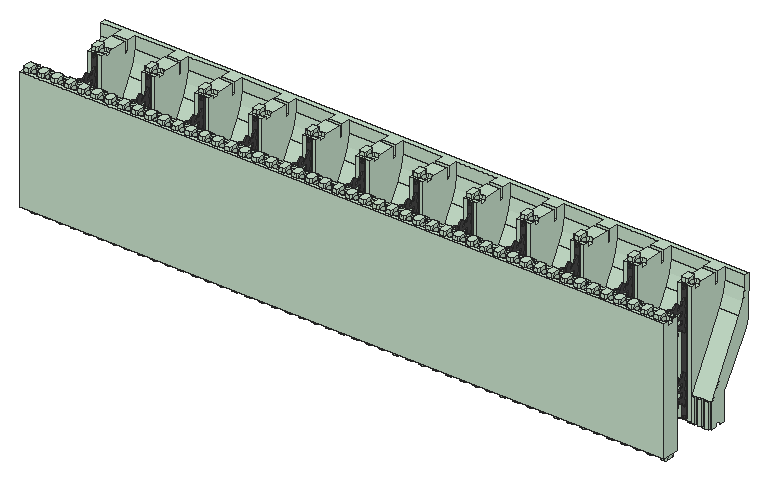
Revit family (continued)
Forms (mm)
  Extrusion 54, void
    sketch origin (1574.8, -0.069, 0) x (-1, 0, 0) y (0, -1, 0)
      loop
        arc (29.796, -130.453) -> (38.1, -131.763) -> (46.404, -130.453) r 26.987
        arc (46.404, -130.453) -> (49.585, -128.147) -> (50.8, -124.411) r 6.35
        line (50.8, -124.411) -> (50.8, -101.014)
        arc (50.8, -101.014) -> (50.362, -98.696) -> (49.108, -96.698) r 6.35
        arc (49.108, -96.698) -> (48.795, -96.199) -> (48.685, -95.62) r 1.588
        line (48.685, -95.62) -> (48.685, -86.829) -> (44.346, -86.829) -> (44.346, -92.457)
        arc (44.346, -92.457) -> (43.786, -93.668) -> (42.5, -94.024) r 1.587
        arc (42.5, -94.024) -> (36.091, -93.737) -> (29.796, -94.972) r 26.988
        arc (29.796, -94.972) -> (26.615, -97.278) -> (25.4, -101.014) r 6.35
        line (25.4, -101.014) -> (25.4, -124.411)
    from 457.2 to 444.5
  Extrusion 55, void
    sketch origin (1371.6, -0.069, 0) x (-1, 0, 0) y (0, -1, 0)
      loop
        arc (25.4, -124.411) -> (26.615, -128.147) -> (29.796, -130.453) r 6.35
        arc (29.796, -130.453) -> (38.1, -131.763) -> (46.404, -130.453) r 26.987
        arc (46.404, -130.453) -> (49.585, -128.147) -> (50.8, -124.411) r 6.35
        line (50.8, -124.411) -> (50.8, -101.014)
        arc (50.8, -101.014) -> (50.362, -98.696) -> (49.108, -96.698) r 6.35
        arc (49.108, -96.698) -> (48.795, -96.199) -> (48.685, -95.62) r 1.588
        line (48.685, -95.62) -> (48.685, -86.829) -> (44.346, -86.829) -> (44.346, -92.457)
        arc (44.346, -92.457) -> (43.786, -93.668) -> (42.5, -94.024) r 1.587
        arc (42.5, -94.024) -> (36.091, -93.737) -> (29.796, -94.972) r 26.988
        arc (29.796, -94.972) -> (26.615, -97.278) -> (25.4, -101.014) r 6.35
        line (25.4, -101.014) -> (25.4, -124.411)
    from 457.2 to 444.5
  Extrusion 56, void
    sketch origin (1168.4, -0.069, 0) x (-1, 0, 0) y (0, -1, 0)
      loop
        arc (25.4, -124.411) -> (26.615, -128.147) -> (29.796, -130.453) r 6.35
        arc (29.796, -130.453) -> (38.1, -131.763) -> (46.404, -130.453) r 26.987
        arc (46.404, -130.453) -> (49.585, -128.147) -> (50.8, -124.411) r 6.35
        line (50.8, -124.411) -> (50.8, -101.014)
        arc (50.8, -101.014) -> (50.362, -98.696) -> (49.108, -96.698) r 6.35
        arc (49.108, -96.698) -> (48.795, -96.199) -> (48.685, -95.62) r 1.588
        line (48.685, -95.62) -> (48.685, -86.829) -> (44.346, -86.829) -> (44.346, -92.457)
        arc (44.346, -92.457) -> (43.786, -93.668) -> (42.5, -94.024) r 1.587
        arc (42.5, -94.024) -> (36.091, -93.737) -> (29.796, -94.972) r 26.988
        arc (29.796, -94.972) -> (26.615, -97.278) -> (25.4, -101.014) r 6.35
        line (25.4, -101.014) -> (25.4, -124.411)
    from 457.2 to 444.5
  Extrusion 57, void
    sketch origin (965.2, -0.069, 0) x (-1, 0, 0) y (0, -1, 0)
      loop
        arc (25.4, -124.411) -> (26.615, -128.147) -> (29.796, -130.453) r 6.35
        arc (29.796, -130.453) -> (38.1, -131.763) -> (46.404, -130.453) r 26.987
        arc (46.404, -130.453) -> (49.585, -128.147) -> (50.8, -124.411) r 6.35
        line (50.8, -124.411) -> (50.8, -101.014)
        arc (50.8, -101.014) -> (50.362, -98.696) -> (49.108, -96.698) r 6.35
        arc (49.108, -96.698) -> (48.795, -96.199) -> (48.685, -95.62) r 1.588
        line (48.685, -95.62) -> (48.685, -86.829) -> (44.346, -86.829) -> (44.346, -92.457)
        arc (44.346, -92.457) -> (43.786, -93.668) -> (42.5, -94.024) r 1.587
        arc (42.5, -94.024) -> (36.091, -93.737) -> (29.796, -94.972) r 26.988
        arc (29.796, -94.972) -> (26.615, -97.278) -> (25.4, -101.014) r 6.35
        line (25.4, -101.014) -> (25.4, -124.411)
    from 457.2 to 444.5
  Extrusion 58, void
    sketch origin (762, -0.069, 0) x (-1, 0, 0) y (0, -1, 0)
      loop
        arc (25.4, -124.411) -> (26.615, -128.147) -> (29.796, -130.453) r 6.35
        arc (29.796, -130.453) -> (38.1, -131.763) -> (46.404, -130.453) r 26.987
        arc (46.404, -130.453) -> (49.585, -128.147) -> (50.8, -124.411) r 6.35
        line (50.8, -124.411) -> (50.8, -101.014)
        arc (50.8, -101.014) -> (50.362, -98.696) -> (49.108, -96.698) r 6.35
        arc (49.108, -96.698) -> (48.795, -96.199) -> (48.685, -95.62) r 1.588
        line (48.685, -95.62) -> (48.685, -86.829) -> (44.346, -86.829) -> (44.346, -92.457)
        arc (44.346, -92.457) -> (43.786, -93.668) -> (42.5, -94.024) r 1.587
        arc (42.5, -94.024) -> (36.091, -93.737) -> (29.796, -94.972) r 26.988
        arc (29.796, -94.972) -> (26.615, -97.278) -> (25.4, -101.014) r 6.35
        line (25.4, -101.014) -> (25.4, -124.411)
    from 457.2 to 444.5
  Extrusion 59, void
    sketch origin (558.8, -0.069, 0) x (-1, 0, 0) y (0, -1, 0)
      loop
        arc (25.4, -124.411) -> (26.615, -128.147) -> (29.796, -130.453) r 6.35
        arc (29.796, -130.453) -> (38.1, -131.763) -> (46.404, -130.453) r 26.987
        arc (46.404, -130.453) -> (49.585, -128.147) -> (50.8, -124.411) r 6.35
        line (50.8, -124.411) -> (50.8, -101.014)
        arc (50.8, -101.014) -> (50.362, -98.696) -> (49.108, -96.698) r 6.35
        arc (49.108, -96.698) -> (48.795, -96.199) -> (48.685, -95.62) r 1.588
        line (48.685, -95.62) -> (48.685, -86.829) -> (44.346, -86.829) -> (44.346, -92.457)
        arc (44.346, -92.457) -> (43.786, -93.668) -> (42.5, -94.024) r 1.587
        arc (42.5, -94.024) -> (36.091, -93.737) -> (29.796, -94.972) r 26.988
        arc (29.796, -94.972) -> (26.615, -97.278) -> (25.4, -101.014) r 6.35
        line (25.4, -101.014) -> (25.4, -124.411)
    from 457.2 to 444.5
  Extrusion 60, void
    sketch origin (355.6, -0.069, 0) x (-1, 0, 0) y (0, -1, 0)
      loop
        arc (25.4, -124.411) -> (26.615, -128.147) -> (29.796, -130.453) r 6.35
        arc (29.796, -130.453) -> (38.1, -131.763) -> (46.404, -130.453) r 26.987
        arc (46.404, -130.453) -> (49.585, -128.147) -> (50.8, -124.411) r 6.35
        line (50.8, -124.411) -> (50.8, -101.014)
        arc (50.8, -101.014) -> (50.362, -98.696) -> (49.108, -96.698) r 6.35
        arc (49.108, -96.698) -> (48.795, -96.199) -> (48.685, -95.62) r 1.588
        line (48.685, -95.62) -> (48.685, -86.829) -> (44.346, -86.829) -> (44.346, -92.457)
        arc (44.346, -92.457) -> (43.786, -93.668) -> (42.5, -94.024) r 1.587
        arc (42.5, -94.024) -> (36.091, -93.737) -> (29.796, -94.972) r 26.988
        arc (29.796, -94.972) -> (26.615, -97.278) -> (25.4, -101.014) r 6.35
        line (25.4, -101.014) -> (25.4, -124.411)
    from 457.2 to 444.5
  Extrusion 61, void
    sketch origin (152.4, -0.069, 0) x (-1, 0, 0) y (0, -1, 0)
      loop
        arc (25.4, -124.411) -> (26.615, -128.147) -> (29.796, -130.453) r 6.35
        arc (29.796, -130.453) -> (38.1, -131.763) -> (46.404, -130.453) r 26.987
        arc (46.404, -130.453) -> (49.585, -128.147) -> (50.8, -124.411) r 6.35
        line (50.8, -124.411) -> (50.8, -101.014)
        arc (50.8, -101.014) -> (50.362, -98.696) -> (49.108, -96.698) r 6.35
        arc (49.108, -96.698) -> (48.795, -96.199) -> (48.685, -95.62) r 1.588
        line (48.685, -95.62) -> (48.685, -86.829) -> (44.346, -86.829) -> (44.346, -92.457)
        arc (44.346, -92.457) -> (43.786, -93.668) -> (42.5, -94.024) r 1.587
        arc (42.5, -94.024) -> (36.091, -93.737) -> (29.796, -94.972) r 26.988
        arc (29.796, -94.972) -> (26.615, -97.278) -> (25.4, -101.014) r 6.35
        line (25.4, -101.014) -> (25.4, -124.411)
    from 457.2 to 444.5
  Extrusion 62, void
    sketch origin (50.8, -0.069, 0) x (-1, 0, 0) y (0, -1, 0)
      loop
        line (25.4, 124.411) -> (25.4, 101.014)
        arc (25.4, 101.014) -> (26.615, 97.278) -> (29.796, 94.972) r 6.35
        arc (29.796, 94.972) -> (36.091, 93.737) -> (42.5, 94.024) r 26.988
        arc (42.5, 94.024) -> (43.786, 93.668) -> (44.346, 92.457) r 1.587
        line (44.346, 92.457) -> (44.346, 86.829) -> (48.685, 86.829) -> (48.685, 95.62)
        arc (48.685, 95.62) -> (48.795, 96.199) -> (49.108, 96.698) r 1.588
        arc (49.108, 96.698) -> (50.362, 98.696) -> (50.8, 101.014) r 6.35
        line (50.8, 101.014) -> (50.8, 124.411)
        arc (50.8, 124.411) -> (49.585, 128.147) -> (46.404, 130.453) r 6.35
        arc (46.404, 130.453) -> (38.1, 131.763) -> (29.796, 130.453) r 26.987
        arc (29.796, 130.453) -> (26.615, 128.147) -> (25.4, 124.411) r 6.35
    from 0 to 12.7
  Extrusion 63, void
    sketch origin (101.6, -0.069, 0) x (-1, 0, 0) y (0, -1, 0)
      loop
        line (25.4, 124.411) -> (25.4, 101.014)
        arc (25.4, 101.014) -> (26.615, 97.278) -> (29.796, 94.972) r 6.35
        arc (29.796, 94.972) -> (36.091, 93.737) -> (42.5, 94.024) r 26.988
        arc (42.5, 94.024) -> (43.786, 93.668) -> (44.346, 92.457) r 1.587
        line (44.346, 92.457) -> (44.346, 86.829) -> (48.685, 86.829) -> (48.685, 95.62)
        arc (48.685, 95.62) -> (48.795, 96.199) -> (49.108, 96.698) r 1.588
        arc (49.108, 96.698) -> (50.362, 98.696) -> (50.8, 101.014) r 6.35
        line (50.8, 101.014) -> (50.8, 124.411)
        arc (50.8, 124.411) -> (49.585, 128.147) -> (46.404, 130.453) r 6.35
        arc (46.404, 130.453) -> (38.1, 131.763) -> (29.796, 130.453) r 26.987
        arc (29.796, 130.453) -> (26.615, 128.147) -> (25.4, 124.411) r 6.35
    from 0 to 12.7
  Extrusion 64, void
    sketch origin (152.4, -0.069, 0) x (-1, 0, 0) y (0, -1, 0)
      loop
        line (25.4, 124.411) -> (25.4, 101.014)
        arc (25.4, 101.014) -> (26.615, 97.278) -> (29.796, 94.972) r 6.35
        arc (29.796, 94.972) -> (36.091, 93.737) -> (42.5, 94.024) r 26.988
        arc (42.5, 94.024) -> (43.786, 93.668) -> (44.346, 92.457) r 1.587
        line (44.346, 92.457) -> (44.346, 86.829) -> (48.685, 86.829) -> (48.685, 95.62)
        arc (48.685, 95.62) -> (48.795, 96.199) -> (49.108, 96.698) r 1.588
        arc (49.108, 96.698) -> (50.362, 98.696) -> (50.8, 101.014) r 6.35
        line (50.8, 101.014) -> (50.8, 124.411)
        arc (50.8, 124.411) -> (49.585, 128.147) -> (46.404, 130.453) r 6.35
        arc (46.404, 130.453) -> (38.1, 131.763) -> (29.796, 130.453) r 26.987
        arc (29.796, 130.453) -> (26.615, 128.147) -> (25.4, 124.411) r 6.35
    from 0 to 12.7
  Extrusion 65, void
    sketch origin (203.2, -0.069, 0) x (-1, 0, 0) y (0, -1, 0)
      loop
        line (25.4, 124.411) -> (25.4, 101.014)
        arc (25.4, 101.014) -> (26.615, 97.278) -> (29.796, 94.972) r 6.35
        arc (29.796, 94.972) -> (36.091, 93.737) -> (42.5, 94.024) r 26.988
        arc (42.5, 94.024) -> (43.786, 93.668) -> (44.346, 92.457) r 1.587
        line (44.346, 92.457) -> (44.346, 86.829) -> (48.685, 86.829) -> (48.685, 95.62)
        arc (48.685, 95.62) -> (48.795, 96.199) -> (49.108, 96.698) r 1.588
        arc (49.108, 96.698) -> (50.362, 98.696) -> (50.8, 101.014) r 6.35
        line (50.8, 101.014) -> (50.8, 124.411)
        arc (50.8, 124.411) -> (49.585, 128.147) -> (46.404, 130.453) r 6.35
        arc (46.404, 130.453) -> (38.1, 131.763) -> (29.796, 130.453) r 26.987
        arc (29.796, 130.453) -> (26.615, 128.147) -> (25.4, 124.411) r 6.35
    from 0 to 12.7
  Extrusion 66, void
    sketch origin (254, -0.069, 0) x (-1, 0, 0) y (0, -1, 0)
      loop
        line (25.4, 124.411) -> (25.4, 101.014)
        arc (25.4, 101.014) -> (26.615, 97.278) -> (29.796, 94.972) r 6.35
        arc (29.796, 94.972) -> (36.091, 93.737) -> (42.5, 94.024) r 26.988
        arc (42.5, 94.024) -> (43.786, 93.668) -> (44.346, 92.457) r 1.587
        line (44.346, 92.457) -> (44.346, 86.829) -> (48.685, 86.829) -> (48.685, 95.62)
        arc (48.685, 95.62) -> (48.795, 96.199) -> (49.108, 96.698) r 1.588
        arc (49.108, 96.698) -> (50.362, 98.696) -> (50.8, 101.014) r 6.35
        line (50.8, 101.014) -> (50.8, 124.411)
        arc (50.8, 124.411) -> (49.585, 128.147) -> (46.404, 130.453) r 6.35
        arc (46.404, 130.453) -> (38.1, 131.763) -> (29.796, 130.453) r 26.987
        arc (29.796, 130.453) -> (26.615, 128.147) -> (25.4, 124.411) r 6.35
    from 0 to 12.7
  Extrusion 67, void
    sketch origin (304.8, -0.069, 0) x (-1, 0, 0) y (0, -1, 0)
      loop
        line (25.4, 124.411) -> (25.4, 101.014)
        arc (25.4, 101.014) -> (26.615, 97.278) -> (29.796, 94.972) r 6.35
        arc (29.796, 94.972) -> (36.091, 93.737) -> (42.5, 94.024) r 26.988
        arc (42.5, 94.024) -> (43.786, 93.668) -> (44.346, 92.457) r 1.587
        line (44.346, 92.457) -> (44.346, 86.829) -> (48.685, 86.829) -> (48.685, 95.62)
        arc (48.685, 95.62) -> (48.795, 96.199) -> (49.108, 96.698) r 1.588
        arc (49.108, 96.698) -> (50.362, 98.696) -> (50.8, 101.014) r 6.35
        line (50.8, 101.014) -> (50.8, 124.411)
        arc (50.8, 124.411) -> (49.585, 128.147) -> (46.404, 130.453) r 6.35
        arc (46.404, 130.453) -> (38.1, 131.763) -> (29.796, 130.453) r 26.987
        arc (29.796, 130.453) -> (26.615, 128.147) -> (25.4, 124.411) r 6.35
    from 0 to 12.7
  Extrusion 68, void
    sketch origin (355.6, -0.069, 0) x (-1, 0, 0) y (0, -1, 0)
      loop
        line (25.4, 124.411) -> (25.4, 101.014)
        arc (25.4, 101.014) -> (26.615, 97.278) -> (29.796, 94.972) r 6.35
        arc (29.796, 94.972) -> (36.091, 93.737) -> (42.5, 94.024) r 26.988
        arc (42.5, 94.024) -> (43.786, 93.668) -> (44.346, 92.457) r 1.587
        line (44.346, 92.457) -> (44.346, 86.829) -> (48.685, 86.829) -> (48.685, 95.62)
        arc (48.685, 95.62) -> (48.795, 96.199) -> (49.108, 96.698) r 1.588
        arc (49.108, 96.698) -> (50.362, 98.696) -> (50.8, 101.014) r 6.35
        line (50.8, 101.014) -> (50.8, 124.411)
        arc (50.8, 124.411) -> (49.585, 128.147) -> (46.404, 130.453) r 6.35
        arc (46.404, 130.453) -> (38.1, 131.763) -> (29.796, 130.453) r 26.987
        arc (29.796, 130.453) -> (26.615, 128.147) -> (25.4, 124.411) r 6.35
    from 0 to 12.7
  Extrusion 69, void
    sketch origin (406.4, -0.069, 0) x (-1, 0, 0) y (0, -1, 0)
      loop
        line (25.4, 124.411) -> (25.4, 101.014)
        arc (25.4, 101.014) -> (26.615, 97.278) -> (29.796, 94.972) r 6.35
        arc (29.796, 94.972) -> (36.091, 93.737) -> (42.5, 94.024) r 26.988
        arc (42.5, 94.024) -> (43.786, 93.668) -> (44.346, 92.457) r 1.587
        line (44.346, 92.457) -> (44.346, 86.829) -> (48.685, 86.829) -> (48.685, 95.62)
        arc (48.685, 95.62) -> (48.795, 96.199) -> (49.108, 96.698) r 1.588
        arc (49.108, 96.698) -> (50.362, 98.696) -> (50.8, 101.014) r 6.35
        line (50.8, 101.014) -> (50.8, 124.411)
        arc (50.8, 124.411) -> (49.585, 128.147) -> (46.404, 130.453) r 6.35
        arc (46.404, 130.453) -> (38.1, 131.763) -> (29.796, 130.453) r 26.987
        arc (29.796, 130.453) -> (26.615, 128.147) -> (25.4, 124.411) r 6.35
    from 0 to 12.7
  Extrusion 70, void
    sketch origin (457.2, -0.069, 0) x (-1, 0, 0) y (0, -1, 0)
      loop
        line (25.4, 124.411) -> (25.4, 101.014)
        arc (25.4, 101.014) -> (26.615, 97.278) -> (29.796, 94.972) r 6.35
        arc (29.796, 94.972) -> (36.091, 93.737) -> (42.5, 94.024) r 26.988
        arc (42.5, 94.024) -> (43.786, 93.668) -> (44.346, 92.457) r 1.587
        line (44.346, 92.457) -> (44.346, 86.829) -> (48.685, 86.829) -> (48.685, 95.62)
        arc (48.685, 95.62) -> (48.795, 96.199) -> (49.108, 96.698) r 1.588
        arc (49.108, 96.698) -> (50.362, 98.696) -> (50.8, 101.014) r 6.35
        line (50.8, 101.014) -> (50.8, 124.411)
        arc (50.8, 124.411) -> (49.585, 128.147) -> (46.404, 130.453) r 6.35
        arc (46.404, 130.453) -> (38.1, 131.763) -> (29.796, 130.453) r 26.987
        arc (29.796, 130.453) -> (26.615, 128.147) -> (25.4, 124.411) r 6.35
    from 0 to 12.7
  Extrusion 71, void
    sketch origin (508, -0.069, 0) x (-1, 0, 0) y (0, -1, 0)
      loop
        line (25.4, 124.411) -> (25.4, 101.014)
        arc (25.4, 101.014) -> (26.615, 97.278) -> (29.796, 94.972) r 6.35
        arc (29.796, 94.972) -> (36.091, 93.737) -> (42.5, 94.024) r 26.988
        arc (42.5, 94.024) -> (43.786, 93.668) -> (44.346, 92.457) r 1.587
        line (44.346, 92.457) -> (44.346, 86.829) -> (48.685, 86.829) -> (48.685, 95.62)
        arc (48.685, 95.62) -> (48.795, 96.199) -> (49.108, 96.698) r 1.588
        arc (49.108, 96.698) -> (50.362, 98.696) -> (50.8, 101.014) r 6.35
        line (50.8, 101.014) -> (50.8, 124.411)
        arc (50.8, 124.411) -> (49.585, 128.147) -> (46.404, 130.453) r 6.35
        arc (46.404, 130.453) -> (38.1, 131.763) -> (29.796, 130.453) r 26.987
        arc (29.796, 130.453) -> (26.615, 128.147) -> (25.4, 124.411) r 6.35
    from 0 to 12.7
  Extrusion 72, void
    sketch origin (558.8, -0.069, 0) x (-1, 0, 0) y (0, -1, 0)
      loop
        line (25.4, 124.411) -> (25.4, 101.014)
        arc (25.4, 101.014) -> (26.615, 97.278) -> (29.796, 94.972) r 6.35
        arc (29.796, 94.972) -> (36.091, 93.737) -> (42.5, 94.024) r 26.988
        arc (42.5, 94.024) -> (43.786, 93.668) -> (44.346, 92.457) r 1.587
        line (44.346, 92.457) -> (44.346, 86.829) -> (48.685, 86.829) -> (48.685, 95.62)
        arc (48.685, 95.62) -> (48.795, 96.199) -> (49.108, 96.698) r 1.588
        arc (49.108, 96.698) -> (50.362, 98.696) -> (50.8, 101.014) r 6.35
        line (50.8, 101.014) -> (50.8, 124.411)
        arc (50.8, 124.411) -> (49.585, 128.147) -> (46.404, 130.453) r 6.35
        arc (46.404, 130.453) -> (38.1, 131.763) -> (29.796, 130.453) r 26.987
        arc (29.796, 130.453) -> (26.615, 128.147) -> (25.4, 124.411) r 6.35
    from 0 to 12.7
  Extrusion 73, void
    sketch origin (609.6, -0.069, 0) x (-1, 0, 0) y (0, -1, 0)
      loop
        line (25.4, 124.411) -> (25.4, 101.014)
        arc (25.4, 101.014) -> (26.615, 97.278) -> (29.796, 94.972) r 6.35
        arc (29.796, 94.972) -> (36.091, 93.737) -> (42.5, 94.024) r 26.988
        arc (42.5, 94.024) -> (43.786, 93.668) -> (44.346, 92.457) r 1.587
        line (44.346, 92.457) -> (44.346, 86.829) -> (48.685, 86.829) -> (48.685, 95.62)
        arc (48.685, 95.62) -> (48.795, 96.199) -> (49.108, 96.698) r 1.588
        arc (49.108, 96.698) -> (50.362, 98.696) -> (50.8, 101.014) r 6.35
        line (50.8, 101.014) -> (50.8, 124.411)
        arc (50.8, 124.411) -> (49.585, 128.147) -> (46.404, 130.453) r 6.35
        arc (46.404, 130.453) -> (38.1, 131.763) -> (29.796, 130.453) r 26.987
        arc (29.796, 130.453) -> (26.615, 128.147) -> (25.4, 124.411) r 6.35
    from 0 to 12.7
  Extrusion 74, void
    sketch origin (660.4, -0.069, 0) x (-1, 0, 0) y (0, -1, 0)
      loop
        line (25.4, 124.411) -> (25.4, 101.014)
        arc (25.4, 101.014) -> (26.615, 97.278) -> (29.796, 94.972) r 6.35
        arc (29.796, 94.972) -> (36.091, 93.737) -> (42.5, 94.024) r 26.988
        arc (42.5, 94.024) -> (43.786, 93.668) -> (44.346, 92.457) r 1.587
        line (44.346, 92.457) -> (44.346, 86.829) -> (48.685, 86.829) -> (48.685, 95.62)
        arc (48.685, 95.62) -> (48.795, 96.199) -> (49.108, 96.698) r 1.588
        arc (49.108, 96.698) -> (50.362, 98.696) -> (50.8, 101.014) r 6.35
        line (50.8, 101.014) -> (50.8, 124.411)
        arc (50.8, 124.411) -> (49.585, 128.147) -> (46.404, 130.453) r 6.35
        arc (46.404, 130.453) -> (38.1, 131.763) -> (29.796, 130.453) r 26.987
        arc (29.796, 130.453) -> (26.615, 128.147) -> (25.4, 124.411) r 6.35
    from 0 to 12.7
  Extrusion 75, void
    sketch origin (711.2, -0.069, 0) x (-1, 0, 0) y (0, -1, 0)
      loop
        line (25.4, 124.411) -> (25.4, 101.014)
        arc (25.4, 101.014) -> (26.615, 97.278) -> (29.796, 94.972) r 6.35
        arc (29.796, 94.972) -> (36.091, 93.737) -> (42.5, 94.024) r 26.988
        arc (42.5, 94.024) -> (43.786, 93.668) -> (44.346, 92.457) r 1.587
        line (44.346, 92.457) -> (44.346, 86.829) -> (48.685, 86.829) -> (48.685, 95.62)
        arc (48.685, 95.62) -> (48.795, 96.199) -> (49.108, 96.698) r 1.588
        arc (49.108, 96.698) -> (50.362, 98.696) -> (50.8, 101.014) r 6.35
        line (50.8, 101.014) -> (50.8, 124.411)
        arc (50.8, 124.411) -> (49.585, 128.147) -> (46.404, 130.453) r 6.35
        arc (46.404, 130.453) -> (38.1, 131.763) -> (29.796, 130.453) r 26.987
        arc (29.796, 130.453) -> (26.615, 128.147) -> (25.4, 124.411) r 6.35
    from 0 to 12.7
  Extrusion 76, void
    sketch origin (762, -0.069, 0) x (-1, 0, 0) y (0, -1, 0)
      loop
        line (25.4, 124.411) -> (25.4, 101.014)
        arc (25.4, 101.014) -> (26.615, 97.278) -> (29.796, 94.972) r 6.35
        arc (29.796, 94.972) -> (36.091, 93.737) -> (42.5, 94.024) r 26.988
        arc (42.5, 94.024) -> (43.786, 93.668) -> (44.346, 92.457) r 1.587
        line (44.346, 92.457) -> (44.346, 86.829) -> (48.685, 86.829) -> (48.685, 95.62)
        arc (48.685, 95.62) -> (48.795, 96.199) -> (49.108, 96.698) r 1.588
        arc (49.108, 96.698) -> (50.362, 98.696) -> (50.8, 101.014) r 6.35
        line (50.8, 101.014) -> (50.8, 124.411)
        arc (50.8, 124.411) -> (49.585, 128.147) -> (46.404, 130.453) r 6.35
        arc (46.404, 130.453) -> (38.1, 131.763) -> (29.796, 130.453) r 26.987
        arc (29.796, 130.453) -> (26.615, 128.147) -> (25.4, 124.411) r 6.35
    from 0 to 12.7
  Extrusion 77, void
    sketch origin (812.8, -0.069, 0) x (-1, 0, 0) y (0, -1, 0)
      loop
        line (25.4, 124.411) -> (25.4, 101.014)
        arc (25.4, 101.014) -> (26.615, 97.278) -> (29.796, 94.972) r 6.35
        arc (29.796, 94.972) -> (36.091, 93.737) -> (42.5, 94.024) r 26.988
        arc (42.5, 94.024) -> (43.786, 93.668) -> (44.346, 92.457) r 1.587
        line (44.346, 92.457) -> (44.346, 86.829) -> (48.685, 86.829) -> (48.685, 95.62)
        arc (48.685, 95.62) -> (48.795, 96.199) -> (49.108, 96.698) r 1.588
        arc (49.108, 96.698) -> (50.362, 98.696) -> (50.8, 101.014) r 6.35
        line (50.8, 101.014) -> (50.8, 124.411)
        arc (50.8, 124.411) -> (49.585, 128.147) -> (46.404, 130.453) r 6.35
        arc (46.404, 130.453) -> (38.1, 131.763) -> (29.796, 130.453) r 26.987
        arc (29.796, 130.453) -> (26.615, 128.147) -> (25.4, 124.411) r 6.35
    from 0 to 12.7
  Extrusion 78, void
    sketch origin (863.6, -0.069, 0) x (-1, 0, 0) y (0, -1, 0)
      loop
        line (25.4, 124.411) -> (25.4, 101.014)
        arc (25.4, 101.014) -> (26.615, 97.278) -> (29.796, 94.972) r 6.35
        arc (29.796, 94.972) -> (36.091, 93.737) -> (42.5, 94.024) r 26.988
        arc (42.5, 94.024) -> (43.786, 93.668) -> (44.346, 92.457) r 1.587
        line (44.346, 92.457) -> (44.346, 86.829) -> (48.685, 86.829) -> (48.685, 95.62)
        arc (48.685, 95.62) -> (48.795, 96.199) -> (49.108, 96.698) r 1.588
        arc (49.108, 96.698) -> (50.362, 98.696) -> (50.8, 101.014) r 6.35
        line (50.8, 101.014) -> (50.8, 124.411)
        arc (50.8, 124.411) -> (49.585, 128.147) -> (46.404, 130.453) r 6.35
        arc (46.404, 130.453) -> (38.1, 131.763) -> (29.796, 130.453) r 26.987
        arc (29.796, 130.453) -> (26.615, 128.147) -> (25.4, 124.411) r 6.35
    from 0 to 12.7
  Extrusion 79, void
    sketch origin (914.4, -0.069, 0) x (-1, 0, 0) y (0, -1, 0)
      loop
        line (25.4, 124.411) -> (25.4, 101.014)
        arc (25.4, 101.014) -> (26.615, 97.278) -> (29.796, 94.972) r 6.35
        arc (29.796, 94.972) -> (36.091, 93.737) -> (42.5, 94.024) r 26.988
        arc (42.5, 94.024) -> (43.786, 93.668) -> (44.346, 92.457) r 1.587
        line (44.346, 92.457) -> (44.346, 86.829) -> (48.685, 86.829) -> (48.685, 95.62)
        arc (48.685, 95.62) -> (48.795, 96.199) -> (49.108, 96.698) r 1.588
        arc (49.108, 96.698) -> (50.362, 98.696) -> (50.8, 101.014) r 6.35
        line (50.8, 101.014) -> (50.8, 124.411)
        arc (50.8, 124.411) -> (49.585, 128.147) -> (46.404, 130.453) r 6.35
        arc (46.404, 130.453) -> (38.1, 131.763) -> (29.796, 130.453) r 26.987
        arc (29.796, 130.453) -> (26.615, 128.147) -> (25.4, 124.411) r 6.35
    from 0 to 12.7
  Extrusion 80, void
    sketch origin (965.2, -0.069, 0) x (-1, 0, 0) y (0, -1, 0)
      loop
        line (25.4, 124.411) -> (25.4, 101.014)
        arc (25.4, 101.014) -> (26.615, 97.278) -> (29.796, 94.972) r 6.35
        arc (29.796, 94.972) -> (36.091, 93.737) -> (42.5, 94.024) r 26.988
        arc (42.5, 94.024) -> (43.786, 93.668) -> (44.346, 92.457) r 1.587
        line (44.346, 92.457) -> (44.346, 86.829) -> (48.685, 86.829) -> (48.685, 95.62)
        arc (48.685, 95.62) -> (48.795, 96.199) -> (49.108, 96.698) r 1.588
        arc (49.108, 96.698) -> (50.362, 98.696) -> (50.8, 101.014) r 6.35
        line (50.8, 101.014) -> (50.8, 124.411)
        arc (50.8, 124.411) -> (49.585, 128.147) -> (46.404, 130.453) r 6.35
        arc (46.404, 130.453) -> (38.1, 131.763) -> (29.796, 130.453) r 26.987
        arc (29.796, 130.453) -> (26.615, 128.147) -> (25.4, 124.411) r 6.35
    from 0 to 12.7
  Extrusion 81, void
    sketch origin (1016, -0.069, 0) x (-1, 0, 0) y (0, -1, 0)
      loop
        line (25.4, 124.411) -> (25.4, 101.014)
        arc (25.4, 101.014) -> (26.615, 97.278) -> (29.796, 94.972) r 6.35
        arc (29.796, 94.972) -> (36.091, 93.737) -> (42.5, 94.024) r 26.988
        arc (42.5, 94.024) -> (43.786, 93.668) -> (44.346, 92.457) r 1.587
        line (44.346, 92.457) -> (44.346, 86.829) -> (48.685, 86.829) -> (48.685, 95.62)
        arc (48.685, 95.62) -> (48.795, 96.199) -> (49.108, 96.698) r 1.588
        arc (49.108, 96.698) -> (50.362, 98.696) -> (50.8, 101.014) r 6.35
        line (50.8, 101.014) -> (50.8, 124.411)
        arc (50.8, 124.411) -> (49.585, 128.147) -> (46.404, 130.453) r 6.35
        arc (46.404, 130.453) -> (38.1, 131.763) -> (29.796, 130.453) r 26.987
        arc (29.796, 130.453) -> (26.615, 128.147) -> (25.4, 124.411) r 6.35
    from 0 to 12.7
  Extrusion 82, void
    sketch origin (1066.8, -0.069, 0) x (-1, 0, 0) y (0, -1, 0)
      loop
        line (25.4, 124.411) -> (25.4, 101.014)
        arc (25.4, 101.014) -> (26.615, 97.278) -> (29.796, 94.972) r 6.35
        arc (29.796, 94.972) -> (36.091, 93.737) -> (42.5, 94.024) r 26.988
        arc (42.5, 94.024) -> (43.786, 93.668) -> (44.346, 92.457) r 1.587
        line (44.346, 92.457) -> (44.346, 86.829) -> (48.685, 86.829) -> (48.685, 95.62)
        arc (48.685, 95.62) -> (48.795, 96.199) -> (49.108, 96.698) r 1.588
        arc (49.108, 96.698) -> (50.362, 98.696) -> (50.8, 101.014) r 6.35
        line (50.8, 101.014) -> (50.8, 124.411)
        arc (50.8, 124.411) -> (49.585, 128.147) -> (46.404, 130.453) r 6.35
        arc (46.404, 130.453) -> (38.1, 131.763) -> (29.796, 130.453) r 26.987
        arc (29.796, 130.453) -> (26.615, 128.147) -> (25.4, 124.411) r 6.35
    from 0 to 12.7
  Extrusion 83, void
    sketch origin (1117.6, -0.069, 0) x (-1, 0, 0) y (0, -1, 0)
      loop
        line (25.4, 124.411) -> (25.4, 101.014)
        arc (25.4, 101.014) -> (26.615, 97.278) -> (29.796, 94.972) r 6.35
        arc (29.796, 94.972) -> (36.091, 93.737) -> (42.5, 94.024) r 26.988
        arc (42.5, 94.024) -> (43.786, 93.668) -> (44.346, 92.457) r 1.587
        line (44.346, 92.457) -> (44.346, 86.829) -> (48.685, 86.829) -> (48.685, 95.62)
        arc (48.685, 95.62) -> (48.795, 96.199) -> (49.108, 96.698) r 1.588
        arc (49.108, 96.698) -> (50.362, 98.696) -> (50.8, 101.014) r 6.35
        line (50.8, 101.014) -> (50.8, 124.411)
        arc (50.8, 124.411) -> (49.585, 128.147) -> (46.404, 130.453) r 6.35
        arc (46.404, 130.453) -> (38.1, 131.763) -> (29.796, 130.453) r 26.987
        arc (29.796, 130.453) -> (26.615, 128.147) -> (25.4, 124.411) r 6.35
    from 0 to 12.7
  Extrusion 84, void
    sketch origin (1168.4, -0.069, 0) x (-1, 0, 0) y (0, -1, 0)
      loop
        line (25.4, 124.411) -> (25.4, 101.014)
        arc (25.4, 101.014) -> (26.615, 97.278) -> (29.796, 94.972) r 6.35
        arc (29.796, 94.972) -> (36.091, 93.737) -> (42.5, 94.024) r 26.988
        arc (42.5, 94.024) -> (43.786, 93.668) -> (44.346, 92.457) r 1.587
        line (44.346, 92.457) -> (44.346, 86.829) -> (48.685, 86.829) -> (48.685, 95.62)
        arc (48.685, 95.62) -> (48.795, 96.199) -> (49.108, 96.698) r 1.588
        arc (49.108, 96.698) -> (50.362, 98.696) -> (50.8, 101.014) r 6.35
        line (50.8, 101.014) -> (50.8, 124.411)
        arc (50.8, 124.411) -> (49.585, 128.147) -> (46.404, 130.453) r 6.35
        arc (46.404, 130.453) -> (38.1, 131.763) -> (29.796, 130.453) r 26.987
        arc (29.796, 130.453) -> (26.615, 128.147) -> (25.4, 124.411) r 6.35
    from 0 to 12.7
  Extrusion 85, void
    sketch origin (1219.2, -0.069, 0) x (-1, 0, 0) y (0, -1, 0)
      loop
        line (25.4, 124.411) -> (25.4, 101.014)
        arc (25.4, 101.014) -> (26.615, 97.278) -> (29.796, 94.972) r 6.35
        arc (29.796, 94.972) -> (36.091, 93.737) -> (42.5, 94.024) r 26.988
        arc (42.5, 94.024) -> (43.786, 93.668) -> (44.346, 92.457) r 1.587
        line (44.346, 92.457) -> (44.346, 86.829) -> (48.685, 86.829) -> (48.685, 95.62)
        arc (48.685, 95.62) -> (48.795, 96.199) -> (49.108, 96.698) r 1.588
        arc (49.108, 96.698) -> (50.362, 98.696) -> (50.8, 101.014) r 6.35
        line (50.8, 101.014) -> (50.8, 124.411)
        arc (50.8, 124.411) -> (49.585, 128.147) -> (46.404, 130.453) r 6.35
        arc (46.404, 130.453) -> (38.1, 131.763) -> (29.796, 130.453) r 26.987
        arc (29.796, 130.453) -> (26.615, 128.147) -> (25.4, 124.411) r 6.35
    from 0 to 12.7
  Extrusion 86, void
    sketch origin (1270, -0.069, 0) x (-1, 0, 0) y (0, -1, 0)
      loop
        line (25.4, 124.411) -> (25.4, 101.014)
        arc (25.4, 101.014) -> (26.615, 97.278) -> (29.796, 94.972) r 6.35
        arc (29.796, 94.972) -> (36.091, 93.737) -> (42.5, 94.024) r 26.988
        arc (42.5, 94.024) -> (43.786, 93.668) -> (44.346, 92.457) r 1.587
        line (44.346, 92.457) -> (44.346, 86.829) -> (48.685, 86.829) -> (48.685, 95.62)
        arc (48.685, 95.62) -> (48.795, 96.199) -> (49.108, 96.698) r 1.588
        arc (49.108, 96.698) -> (50.362, 98.696) -> (50.8, 101.014) r 6.35
        line (50.8, 101.014) -> (50.8, 124.411)
        arc (50.8, 124.411) -> (49.585, 128.147) -> (46.404, 130.453) r 6.35
        arc (46.404, 130.453) -> (38.1, 131.763) -> (29.796, 130.453) r 26.987
        arc (29.796, 130.453) -> (26.615, 128.147) -> (25.4, 124.411) r 6.35
    from 0 to 12.7
  Extrusion 87, void
    sketch origin (1320.8, -0.069, 0) x (-1, 0, 0) y (0, -1, 0)
      loop
        line (25.4, 124.411) -> (25.4, 101.014)
        arc (25.4, 101.014) -> (26.615, 97.278) -> (29.796, 94.972) r 6.35
        arc (29.796, 94.972) -> (36.091, 93.737) -> (42.5, 94.024) r 26.988
        arc (42.5, 94.024) -> (43.786, 93.668) -> (44.346, 92.457) r 1.587
        line (44.346, 92.457) -> (44.346, 86.829) -> (48.685, 86.829) -> (48.685, 95.62)
        arc (48.685, 95.62) -> (48.795, 96.199) -> (49.108, 96.698) r 1.588
        arc (49.108, 96.698) -> (50.362, 98.696) -> (50.8, 101.014) r 6.35
        line (50.8, 101.014) -> (50.8, 124.411)
        arc (50.8, 124.411) -> (49.585, 128.147) -> (46.404, 130.453) r 6.35
        arc (46.404, 130.453) -> (38.1, 131.763) -> (29.796, 130.453) r 26.987
        arc (29.796, 130.453) -> (26.615, 128.147) -> (25.4, 124.411) r 6.35
    from 0 to 12.7
  Extrusion 88, void
    sketch origin (1371.6, -0.069, 0) x (-1, 0, 0) y (0, -1, 0)
      loop
        line (25.4, 124.411) -> (25.4, 101.014)
        arc (25.4, 101.014) -> (26.615, 97.278) -> (29.796, 94.972) r 6.35
        arc (29.796, 94.972) -> (36.091, 93.737) -> (42.5, 94.024) r 26.988
        arc (42.5, 94.024) -> (43.786, 93.668) -> (44.346, 92.457) r 1.587
        line (44.346, 92.457) -> (44.346, 86.829) -> (48.685, 86.829) -> (48.685, 95.62)
        arc (48.685, 95.62) -> (48.795, 96.199) -> (49.108, 96.698) r 1.588
        arc (49.108, 96.698) -> (50.362, 98.696) -> (50.8, 101.014) r 6.35
        line (50.8, 101.014) -> (50.8, 124.411)
        arc (50.8, 124.411) -> (49.585, 128.147) -> (46.404, 130.453) r 6.35
        arc (46.404, 130.453) -> (38.1, 131.763) -> (29.796, 130.453) r 26.987
        arc (29.796, 130.453) -> (26.615, 128.147) -> (25.4, 124.411) r 6.35
    from 0 to 12.7
  Extrusion 89, void
    sketch origin (1422.4, -0.069, 0) x (-1, 0, 0) y (0, -1, 0)
      loop
        line (25.4, 124.411) -> (25.4, 101.014)
        arc (25.4, 101.014) -> (26.615, 97.278) -> (29.796, 94.972) r 6.35
        arc (29.796, 94.972) -> (36.091, 93.737) -> (42.5, 94.024) r 26.988
        arc (42.5, 94.024) -> (43.786, 93.668) -> (44.346, 92.457) r 1.587
        line (44.346, 92.457) -> (44.346, 86.829) -> (48.685, 86.829) -> (48.685, 95.62)
        arc (48.685, 95.62) -> (48.795, 96.199) -> (49.108, 96.698) r 1.588
        arc (49.108, 96.698) -> (50.362, 98.696) -> (50.8, 101.014) r 6.35
        line (50.8, 101.014) -> (50.8, 124.411)
        arc (50.8, 124.411) -> (49.585, 128.147) -> (46.404, 130.453) r 6.35
        arc (46.404, 130.453) -> (38.1, 131.763) -> (29.796, 130.453) r 26.987
        arc (29.796, 130.453) -> (26.615, 128.147) -> (25.4, 124.411) r 6.35
    from 0 to 12.7
  Extrusion 90, void
    sketch origin (1473.2, -0.069, 0) x (-1, 0, 0) y (0, -1, 0)
      loop
        line (25.4, 124.411) -> (25.4, 101.014)
        arc (25.4, 101.014) -> (26.615, 97.278) -> (29.796, 94.972) r 6.35
        arc (29.796, 94.972) -> (36.091, 93.737) -> (42.5, 94.024) r 26.988
        arc (42.5, 94.024) -> (43.786, 93.668) -> (44.346, 92.457) r 1.587
        line (44.346, 92.457) -> (44.346, 86.829) -> (48.685, 86.829) -> (48.685, 95.62)
        arc (48.685, 95.62) -> (48.795, 96.199) -> (49.108, 96.698) r 1.588
        arc (49.108, 96.698) -> (50.362, 98.696) -> (50.8, 101.014) r 6.35
        line (50.8, 101.014) -> (50.8, 124.411)
        arc (50.8, 124.411) -> (49.585, 128.147) -> (46.404, 130.453) r 6.35
        arc (46.404, 130.453) -> (38.1, 131.763) -> (29.796, 130.453) r 26.987
        arc (29.796, 130.453) -> (26.615, 128.147) -> (25.4, 124.411) r 6.35
    from 0 to 12.7
  Extrusion 91, void
    sketch origin (1524, -0.069, 0) x (-1, 0, 0) y (0, -1, 0)
      loop
        line (25.4, 124.411) -> (25.4, 101.014)
        arc (25.4, 101.014) -> (26.615, 97.278) -> (29.796, 94.972) r 6.35
        arc (29.796, 94.972) -> (36.091, 93.737) -> (42.5, 94.024) r 26.988
        arc (42.5, 94.024) -> (43.786, 93.668) -> (44.346, 92.457) r 1.587
        line (44.346, 92.457) -> (44.346, 86.829) -> (48.685, 86.829) -> (48.685, 95.62)
        arc (48.685, 95.62) -> (48.795, 96.199) -> (49.108, 96.698) r 1.588
        arc (49.108, 96.698) -> (50.362, 98.696) -> (50.8, 101.014) r 6.35
        line (50.8, 101.014) -> (50.8, 124.411)
        arc (50.8, 124.411) -> (49.585, 128.147) -> (46.404, 130.453) r 6.35
        arc (46.404, 130.453) -> (38.1, 131.763) -> (29.796, 130.453) r 26.987
        arc (29.796, 130.453) -> (26.615, 128.147) -> (25.4, 124.411) r 6.35
    from 0 to 12.7
  Extrusion 92, void
    sketch origin (1574.8, -0.069, 0) x (-1, 0, 0) y (0, -1, 0)
      loop
        line (25.4, 124.411) -> (25.4, 101.014)
        arc (25.4, 101.014) -> (26.615, 97.278) -> (29.796, 94.972) r 6.35
        arc (29.796, 94.972) -> (36.091, 93.737) -> (42.5, 94.024) r 26.988
        arc (42.5, 94.024) -> (43.786, 93.668) -> (44.346, 92.457) r 1.587
        line (44.346, 92.457) -> (44.346, 86.829) -> (48.685, 86.829) -> (48.685, 95.62)
        arc (48.685, 95.62) -> (48.795, 96.199) -> (49.108, 96.698) r 1.588
        arc (49.108, 96.698) -> (50.362, 98.696) -> (50.8, 101.014) r 6.35
        line (50.8, 101.014) -> (50.8, 124.411)
        arc (50.8, 124.411) -> (49.585, 128.147) -> (46.404, 130.453) r 6.35
        arc (46.404, 130.453) -> (38.1, 131.763) -> (29.796, 130.453) r 26.987
        arc (29.796, 130.453) -> (26.615, 128.147) -> (25.4, 124.411) r 6.35
    from 0 to 12.7
  Extrusion 93, void
    sketch origin (1625.6, -0.069, 0) x (-1, 0, 0) y (0, -1, 0)
      loop
        line (25.4, 124.411) -> (25.4, 101.014)
        arc (25.4, 101.014) -> (26.615, 97.278) -> (29.796, 94.972) r 6.35
        arc (29.796, 94.972) -> (36.091, 93.737) -> (42.5, 94.024) r 26.988
        arc (42.5, 94.024) -> (43.786, 93.668) -> (44.346, 92.457) r 1.587
        line (44.346, 92.457) -> (44.346, 86.829) -> (48.685, 86.829) -> (48.685, 95.62)
        arc (48.685, 95.62) -> (48.795, 96.199) -> (49.108, 96.698) r 1.588
        arc (49.108, 96.698) -> (50.362, 98.696) -> (50.8, 101.014) r 6.35
        line (50.8, 101.014) -> (50.8, 124.411)
        arc (50.8, 124.411) -> (49.585, 128.147) -> (46.404, 130.453) r 6.35
        arc (46.404, 130.453) -> (38.1, 131.763) -> (29.796, 130.453) r 26.987
        arc (29.796, 130.453) -> (26.615, 128.147) -> (25.4, 124.411) r 6.35
    from 0 to 12.7
  Extrusion 94, void
    sketch origin (1676.4, -0.069, 0) x (-1, 0, 0) y (0, -1, 0)
      loop
        line (25.4, 124.411) -> (25.4, 101.014)
        arc (25.4, 101.014) -> (26.615, 97.278) -> (29.796, 94.972) r 6.35
        arc (29.796, 94.972) -> (36.091, 93.737) -> (42.5, 94.024) r 26.988
        arc (42.5, 94.024) -> (43.786, 93.668) -> (44.346, 92.457) r 1.587
        line (44.346, 92.457) -> (44.346, 86.829) -> (48.685, 86.829) -> (48.685, 95.62)
        arc (48.685, 95.62) -> (48.795, 96.199) -> (49.108, 96.698) r 1.588
        arc (49.108, 96.698) -> (50.362, 98.696) -> (50.8, 101.014) r 6.35
        line (50.8, 101.014) -> (50.8, 124.411)
        arc (50.8, 124.411) -> (49.585, 128.147) -> (46.404, 130.453) r 6.35
        arc (46.404, 130.453) -> (38.1, 131.763) -> (29.796, 130.453) r 26.987
        arc (29.796, 130.453) -> (26.615, 128.147) -> (25.4, 124.411) r 6.35
    from 0 to 12.7
  Extrusion 95, void
    sketch origin (1727.2, -0.069, 0) x (-1, 0, 0) y (0, -1, 0)
      loop
        line (25.4, 124.411) -> (25.4, 101.014)
        arc (25.4, 101.014) -> (26.615, 97.278) -> (29.796, 94.972) r 6.35
        arc (29.796, 94.972) -> (36.091, 93.737) -> (42.5, 94.024) r 26.988
        arc (42.5, 94.024) -> (43.786, 93.668) -> (44.346, 92.457) r 1.587
        line (44.346, 92.457) -> (44.346, 86.829) -> (48.685, 86.829) -> (48.685, 95.62)
        arc (48.685, 95.62) -> (48.795, 96.199) -> (49.108, 96.698) r 1.588
        arc (49.108, 96.698) -> (50.362, 98.696) -> (50.8, 101.014) r 6.35
        line (50.8, 101.014) -> (50.8, 124.411)
        arc (50.8, 124.411) -> (49.585, 128.147) -> (46.404, 130.453) r 6.35
        arc (46.404, 130.453) -> (38.1, 131.763) -> (29.796, 130.453) r 26.987
        arc (29.796, 130.453) -> (26.615, 128.147) -> (25.4, 124.411) r 6.35
    from 0 to 12.7
  Extrusion 96, void
    sketch origin (1778, -0.069, 0) x (-1, 0, 0) y (0, -1, 0)
      loop
        line (25.4, 124.411) -> (25.4, 101.014)
        arc (25.4, 101.014) -> (26.615, 97.278) -> (29.796, 94.972) r 6.35
        arc (29.796, 94.972) -> (36.091, 93.737) -> (42.5, 94.024) r 26.988
        arc (42.5, 94.024) -> (43.786, 93.668) -> (44.346, 92.457) r 1.587
        line (44.346, 92.457) -> (44.346, 86.829) -> (48.685, 86.829) -> (48.685, 95.62)
        arc (48.685, 95.62) -> (48.795, 96.199) -> (49.108, 96.698) r 1.588
        arc (49.108, 96.698) -> (50.362, 98.696) -> (50.8, 101.014) r 6.35
        line (50.8, 101.014) -> (50.8, 124.411)
        arc (50.8, 124.411) -> (49.585, 128.147) -> (46.404, 130.453) r 6.35
        arc (46.404, 130.453) -> (38.1, 131.763) -> (29.796, 130.453) r 26.987
        arc (29.796, 130.453) -> (26.615, 128.147) -> (25.4, 124.411) r 6.35
    from 0 to 12.7
  Extrusion 97, void
    sketch origin (1828.8, -0.069, 0) x (-1, 0, 0) y (0, -1, 0)
      loop
        line (25.4, 124.411) -> (25.4, 101.014)
        arc (25.4, 101.014) -> (26.615, 97.278) -> (29.796, 94.972) r 6.35
        arc (29.796, 94.972) -> (36.091, 93.737) -> (42.5, 94.024) r 26.988
        arc (42.5, 94.024) -> (43.786, 93.668) -> (44.346, 92.457) r 1.587
        line (44.346, 92.457) -> (44.346, 86.829) -> (48.685, 86.829) -> (48.685, 95.62)
        arc (48.685, 95.62) -> (48.795, 96.199) -> (49.108, 96.698) r 1.588
        arc (49.108, 96.698) -> (50.362, 98.696) -> (50.8, 101.014) r 6.35
        line (50.8, 101.014) -> (50.8, 124.411)
        arc (50.8, 124.411) -> (49.585, 128.147) -> (46.404, 130.453) r 6.35
        arc (46.404, 130.453) -> (38.1, 131.763) -> (29.796, 130.453) r 26.987
        arc (29.796, 130.453) -> (26.615, 128.147) -> (25.4, 124.411) r 6.35
    from 0 to 12.7
  Extrusion 98, void
    sketch origin (1879.6, -0.069, 0) x (-1, 0, 0) y (0, -1, 0)
      loop
        line (25.4, 124.411) -> (25.4, 101.014)
        arc (25.4, 101.014) -> (26.615, 97.278) -> (29.796, 94.972) r 6.35
        arc (29.796, 94.972) -> (36.091, 93.737) -> (42.5, 94.024) r 26.988
        arc (42.5, 94.024) -> (43.786, 93.668) -> (44.346, 92.457) r 1.587
        line (44.346, 92.457) -> (44.346, 86.829) -> (48.685, 86.829) -> (48.685, 95.62)
        arc (48.685, 95.62) -> (48.795, 96.199) -> (49.108, 96.698) r 1.588
        arc (49.108, 96.698) -> (50.362, 98.696) -> (50.8, 101.014) r 6.35
        line (50.8, 101.014) -> (50.8, 124.411)
        arc (50.8, 124.411) -> (49.585, 128.147) -> (46.404, 130.453) r 6.35
        arc (46.404, 130.453) -> (38.1, 131.763) -> (29.796, 130.453) r 26.987
        arc (29.796, 130.453) -> (26.615, 128.147) -> (25.4, 124.411) r 6.35
    from 0 to 12.7
  Extrusion 99, void
    sketch origin (1930.4, -0.069, 0) x (-1, 0, 0) y (0, -1, 0)
      loop
        line (25.4, 124.411) -> (25.4, 101.014)
        arc (25.4, 101.014) -> (26.615, 97.278) -> (29.796, 94.972) r 6.35
        arc (29.796, 94.972) -> (36.091, 93.737) -> (42.5, 94.024) r 26.988
        arc (42.5, 94.024) -> (43.786, 93.668) -> (44.346, 92.457) r 1.587
        line (44.346, 92.457) -> (44.346, 86.829) -> (48.685, 86.829) -> (48.685, 95.62)
        arc (48.685, 95.62) -> (48.795, 96.199) -> (49.108, 96.698) r 1.588
        arc (49.108, 96.698) -> (50.362, 98.696) -> (50.8, 101.014) r 6.35
        line (50.8, 101.014) -> (50.8, 124.411)
        arc (50.8, 124.411) -> (49.585, 128.147) -> (46.404, 130.453) r 6.35
        arc (46.404, 130.453) -> (38.1, 131.763) -> (29.796, 130.453) r 26.987
        arc (29.796, 130.453) -> (26.615, 128.147) -> (25.4, 124.411) r 6.35
    from 0 to 12.7
  Extrusion 100, void
    sketch origin (1981.2, -0.069, 0) x (-1, 0, 0) y (0, -1, 0)
      loop
        line (25.4, 124.411) -> (25.4, 101.014)
        arc (25.4, 101.014) -> (26.615, 97.278) -> (29.796, 94.972) r 6.35
        arc (29.796, 94.972) -> (36.091, 93.737) -> (42.5, 94.024) r 26.988
        arc (42.5, 94.024) -> (43.786, 93.668) -> (44.346, 92.457) r 1.587
        line (44.346, 92.457) -> (44.346, 86.829) -> (48.685, 86.829) -> (48.685, 95.62)
        arc (48.685, 95.62) -> (48.795, 96.199) -> (49.108, 96.698) r 1.588
        arc (49.108, 96.698) -> (50.362, 98.696) -> (50.8, 101.014) r 6.35
        line (50.8, 101.014) -> (50.8, 124.411)
        arc (50.8, 124.411) -> (49.585, 128.147) -> (46.404, 130.453) r 6.35
        arc (46.404, 130.453) -> (38.1, 131.763) -> (29.796, 130.453) r 26.987
        arc (29.796, 130.453) -> (26.615, 128.147) -> (25.4, 124.411) r 6.35
    from 0 to 12.7
  Extrusion 101, void
    sketch origin (2032, -0.069, 0) x (-1, 0, 0) y (0, -1, 0)
      loop
        line (25.4, 124.411) -> (25.4, 101.014)
        arc (25.4, 101.014) -> (26.615, 97.278) -> (29.796, 94.972) r 6.35
        arc (29.796, 94.972) -> (36.091, 93.737) -> (42.5, 94.024) r 26.988
        arc (42.5, 94.024) -> (43.786, 93.668) -> (44.346, 92.457) r 1.587
        line (44.346, 92.457) -> (44.346, 86.829) -> (48.685, 86.829) -> (48.685, 95.62)
        arc (48.685, 95.62) -> (48.795, 96.199) -> (49.108, 96.698) r 1.588
        arc (49.108, 96.698) -> (50.362, 98.696) -> (50.8, 101.014) r 6.35
        line (50.8, 101.014) -> (50.8, 124.411)
        arc (50.8, 124.411) -> (49.585, 128.147) -> (46.404, 130.453) r 6.35
        arc (46.404, 130.453) -> (38.1, 131.763) -> (29.796, 130.453) r 26.987
        arc (29.796, 130.453) -> (26.615, 128.147) -> (25.4, 124.411) r 6.35
    from 0 to 12.7
  Extrusion 102, void
    sketch origin (2082.8, -0.069, 0) x (-1, 0, 0) y (0, -1, 0)
      loop
        line (25.4, 124.411) -> (25.4, 101.014)
        arc (25.4, 101.014) -> (26.615, 97.278) -> (29.796, 94.972) r 6.35
        arc (29.796, 94.972) -> (36.091, 93.737) -> (42.5, 94.024) r 26.988
        arc (42.5, 94.024) -> (43.786, 93.668) -> (44.346, 92.457) r 1.587
        line (44.346, 92.457) -> (44.346, 86.829) -> (48.685, 86.829) -> (48.685, 95.62)
        arc (48.685, 95.62) -> (48.795, 96.199) -> (49.108, 96.698) r 1.588
        arc (49.108, 96.698) -> (50.362, 98.696) -> (50.8, 101.014) r 6.35
        line (50.8, 101.014) -> (50.8, 124.411)
        arc (50.8, 124.411) -> (49.585, 128.147) -> (46.404, 130.453) r 6.35
        arc (46.404, 130.453) -> (38.1, 131.763) -> (29.796, 130.453) r 26.987
        arc (29.796, 130.453) -> (26.615, 128.147) -> (25.4, 124.411) r 6.35
    from 0 to 12.7
  Extrusion 103, void
    sketch origin (2133.6, -0.069, 0) x (-1, 0, 0) y (0, -1, 0)
      loop
        line (25.4, 124.411) -> (25.4, 101.014)
        arc (25.4, 101.014) -> (26.615, 97.278) -> (29.796, 94.972) r 6.35
        arc (29.796, 94.972) -> (36.091, 93.737) -> (42.5, 94.024) r 26.988
        arc (42.5, 94.024) -> (43.786, 93.668) -> (44.346, 92.457) r 1.587
        line (44.346, 92.457) -> (44.346, 86.829) -> (48.685, 86.829) -> (48.685, 95.62)
        arc (48.685, 95.62) -> (48.795, 96.199) -> (49.108, 96.698) r 1.588
        arc (49.108, 96.698) -> (50.362, 98.696) -> (50.8, 101.014) r 6.35
        line (50.8, 101.014) -> (50.8, 124.411)
        arc (50.8, 124.411) -> (49.585, 128.147) -> (46.404, 130.453) r 6.35
        arc (46.404, 130.453) -> (38.1, 131.763) -> (29.796, 130.453) r 26.987
        arc (29.796, 130.453) -> (26.615, 128.147) -> (25.4, 124.411) r 6.35
    from 0 to 12.7
  Extrusion 104, void
    sketch origin (2184.4, -0.069, 0) x (-1, 0, 0) y (0, -1, 0)
      loop
        line (25.4, 124.411) -> (25.4, 101.014)
        arc (25.4, 101.014) -> (26.615, 97.278) -> (29.796, 94.972) r 6.35
        arc (29.796, 94.972) -> (36.091, 93.737) -> (42.5, 94.024) r 26.988
        arc (42.5, 94.024) -> (43.786, 93.668) -> (44.346, 92.457) r 1.587
        line (44.346, 92.457) -> (44.346, 86.829) -> (48.685, 86.829) -> (48.685, 95.62)
        arc (48.685, 95.62) -> (48.795, 96.199) -> (49.108, 96.698) r 1.588
        arc (49.108, 96.698) -> (50.362, 98.696) -> (50.8, 101.014) r 6.35
        line (50.8, 101.014) -> (50.8, 124.411)
        arc (50.8, 124.411) -> (49.585, 128.147) -> (46.404, 130.453) r 6.35
        arc (46.404, 130.453) -> (38.1, 131.763) -> (29.796, 130.453) r 26.987
        arc (29.796, 130.453) -> (26.615, 128.147) -> (25.4, 124.411) r 6.35
    from 0 to 12.7
  Extrusion 105, void
    sketch origin (2235.2, -0.069, 0) x (-1, 0, 0) y (0, -1, 0)
      loop
        line (25.4, 124.411) -> (25.4, 101.014)
        arc (25.4, 101.014) -> (26.615, 97.278) -> (29.796, 94.972) r 6.35
        arc (29.796, 94.972) -> (36.091, 93.737) -> (42.5, 94.024) r 26.988
        arc (42.5, 94.024) -> (43.786, 93.668) -> (44.346, 92.457) r 1.587
        line (44.346, 92.457) -> (44.346, 86.829) -> (48.685, 86.829) -> (48.685, 95.62)
        arc (48.685, 95.62) -> (48.795, 96.199) -> (49.108, 96.698) r 1.588
        arc (49.108, 96.698) -> (50.362, 98.696) -> (50.8, 101.014) r 6.35
        line (50.8, 101.014) -> (50.8, 124.411)
        arc (50.8, 124.411) -> (49.585, 128.147) -> (46.404, 130.453) r 6.35
        arc (46.404, 130.453) -> (38.1, 131.763) -> (29.796, 130.453) r 26.987
        arc (29.796, 130.453) -> (26.615, 128.147) -> (25.4, 124.411) r 6.35
    from 0 to 12.7
  Extrusion 106, void
    sketch origin (2286, -0.069, 0) x (-1, 0, 0) y (0, -1, 0)
      loop
        line (25.4, 124.411) -> (25.4, 101.014)
        arc (25.4, 101.014) -> (26.615, 97.278) -> (29.796, 94.972) r 6.35
        arc (29.796, 94.972) -> (36.091, 93.737) -> (42.5, 94.024) r 26.988
        arc (42.5, 94.024) -> (43.786, 93.668) -> (44.346, 92.457) r 1.587
        line (44.346, 92.457) -> (44.346, 86.829) -> (48.685, 86.829) -> (48.685, 95.62)
        arc (48.685, 95.62) -> (48.795, 96.199) -> (49.108, 96.698) r 1.588
        arc (49.108, 96.698) -> (50.362, 98.696) -> (50.8, 101.014) r 6.35
        line (50.8, 101.014) -> (50.8, 124.411)
        arc (50.8, 124.411) -> (49.585, 128.147) -> (46.404, 130.453) r 6.35
        arc (46.404, 130.453) -> (38.1, 131.763) -> (29.796, 130.453) r 26.987
        arc (29.796, 130.453) -> (26.615, 128.147) -> (25.4, 124.411) r 6.35
    from 0 to 12.7
  Extrusion 107, void
    sketch origin (2336.8, -0.069, 0) x (-1, 0, 0) y (0, -1, 0)
      loop
        line (25.4, 124.411) -> (25.4, 101.014)
        arc (25.4, 101.014) -> (26.615, 97.278) -> (29.796, 94.972) r 6.35
        arc (29.796, 94.972) -> (36.091, 93.737) -> (42.5, 94.024) r 26.988
        arc (42.5, 94.024) -> (43.786, 93.668) -> (44.346, 92.457) r 1.587
        line (44.346, 92.457) -> (44.346, 86.829) -> (48.685, 86.829) -> (48.685, 95.62)
        arc (48.685, 95.62) -> (48.795, 96.199) -> (49.108, 96.698) r 1.588
        arc (49.108, 96.698) -> (50.362, 98.696) -> (50.8, 101.014) r 6.35
        line (50.8, 101.014) -> (50.8, 124.411)
        arc (50.8, 124.411) -> (49.585, 128.147) -> (46.404, 130.453) r 6.35
        arc (46.404, 130.453) -> (38.1, 131.763) -> (29.796, 130.453) r 26.987
        arc (29.796, 130.453) -> (26.615, 128.147) -> (25.4, 124.411) r 6.35
    from 0 to 12.7
  Extrusion 108, void
    sketch origin (2387.6, -0.069, 0) x (-1, 0, 0) y (0, -1, 0)
      loop
        line (25.4, 124.411) -> (25.4, 101.014)
        arc (25.4, 101.014) -> (26.615, 97.278) -> (29.796, 94.972) r 6.35
        arc (29.796, 94.972) -> (36.091, 93.737) -> (42.5, 94.024) r 26.988
        arc (42.5, 94.024) -> (43.786, 93.668) -> (44.346, 92.457) r 1.587
        line (44.346, 92.457) -> (44.346, 86.829) -> (48.685, 86.829) -> (48.685, 95.62)
        arc (48.685, 95.62) -> (48.795, 96.199) -> (49.108, 96.698) r 1.588
        arc (49.108, 96.698) -> (50.362, 98.696) -> (50.8, 101.014) r 6.35
        line (50.8, 101.014) -> (50.8, 124.411)
        arc (50.8, 124.411) -> (49.585, 128.147) -> (46.404, 130.453) r 6.35
        arc (46.404, 130.453) -> (38.1, 131.763) -> (29.796, 130.453) r 26.987
        arc (29.796, 130.453) -> (26.615, 128.147) -> (25.4, 124.411) r 6.35
    from 0 to 12.7
  Extrusion 109, void
    sketch origin (2438.4, -0.069, 0) x (-1, 0, 0) y (0, -1, 0)
      loop
        line (25.4, 124.411) -> (25.4, 101.014)
        arc (25.4, 101.014) -> (26.615, 97.278) -> (29.796, 94.972) r 6.35
        arc (29.796, 94.972) -> (36.091, 93.737) -> (42.5, 94.024) r 26.988
        arc (42.5, 94.024) -> (43.786, 93.668) -> (44.346, 92.457) r 1.587
        line (44.346, 92.457) -> (44.346, 86.829) -> (48.685, 86.829) -> (48.685, 95.62)
        arc (48.685, 95.62) -> (48.795, 96.199) -> (49.108, 96.698) r 1.588
        arc (49.108, 96.698) -> (50.362, 98.696) -> (50.8, 101.014) r 6.35
        line (50.8, 101.014) -> (50.8, 124.411)
        arc (50.8, 124.411) -> (49.585, 128.147) -> (46.404, 130.453) r 6.35
        arc (46.404, 130.453) -> (38.1, 131.763) -> (29.796, 130.453) r 26.987
        arc (29.796, 130.453) -> (26.615, 128.147) -> (25.4, 124.411) r 6.35
    from 0 to 12.7
  Extrusion 110, void
    sketch origin (2387.6, -0.069, 0) x (1, 0, 0) y (0, 1, 0)
      loop
        line (25.4, 124.411) -> (25.4, 101.014)
        arc (25.4, 101.014) -> (26.615, 97.278) -> (29.796, 94.972) r 6.35
        arc (29.796, 94.972) -> (36.091, 93.737) -> (42.5, 94.024) r 26.988
        arc (42.5, 94.024) -> (43.786, 93.668) -> (44.346, 92.457) r 1.587
        line (44.346, 92.457) -> (44.346, 86.829) -> (48.685, 86.829) -> (48.685, 95.62)
        arc (48.685, 95.62) -> (48.795, 96.199) -> (49.108, 96.698) r 1.588
        arc (49.108, 96.698) -> (50.362, 98.696) -> (50.8, 101.014) r 6.35
        line (50.8, 101.014) -> (50.8, 124.411)
        arc (50.8, 124.411) -> (49.585, 128.147) -> (46.404, 130.453) r 6.35
        arc (46.404, 130.453) -> (38.1, 131.763) -> (29.796, 130.453) r 26.987
        arc (29.796, 130.453) -> (26.615, 128.147) -> (25.4, 124.411) r 6.35
    from 0 to 12.7
  Extrusion 111, void
    sketch origin (2336.8, -0.069, 0) x (1, 0, 0) y (0, 1, 0)
      loop
        line (25.4, 124.411) -> (25.4, 101.014)
        arc (25.4, 101.014) -> (26.615, 97.278) -> (29.796, 94.972) r 6.35
        arc (29.796, 94.972) -> (36.091, 93.737) -> (42.5, 94.024) r 26.988
        arc (42.5, 94.024) -> (43.786, 93.668) -> (44.346, 92.457) r 1.587
        line (44.346, 92.457) -> (44.346, 86.829) -> (48.685, 86.829) -> (48.685, 95.62)
        arc (48.685, 95.62) -> (48.795, 96.199) -> (49.108, 96.698) r 1.588
        arc (49.108, 96.698) -> (50.362, 98.696) -> (50.8, 101.014) r 6.35
        line (50.8, 101.014) -> (50.8, 124.411)
        arc (50.8, 124.411) -> (49.585, 128.147) -> (46.404, 130.453) r 6.35
        arc (46.404, 130.453) -> (38.1, 131.763) -> (29.796, 130.453) r 26.987
        arc (29.796, 130.453) -> (26.615, 128.147) -> (25.4, 124.411) r 6.35
    from 0 to 12.7
  Extrusion 112, void
    sketch origin (2286, -0.069, 0) x (1, 0, 0) y (0, 1, 0)
      loop
        line (25.4, 124.411) -> (25.4, 101.014)
        arc (25.4, 101.014) -> (26.615, 97.278) -> (29.796, 94.972) r 6.35
        arc (29.796, 94.972) -> (36.091, 93.737) -> (42.5, 94.024) r 26.988
        arc (42.5, 94.024) -> (43.786, 93.668) -> (44.346, 92.457) r 1.587
        line (44.346, 92.457) -> (44.346, 86.829) -> (48.685, 86.829) -> (48.685, 95.62)
        arc (48.685, 95.62) -> (48.795, 96.199) -> (49.108, 96.698) r 1.588
        arc (49.108, 96.698) -> (50.362, 98.696) -> (50.8, 101.014) r 6.35
        line (50.8, 101.014) -> (50.8, 124.411)
        arc (50.8, 124.411) -> (49.585, 128.147) -> (46.404, 130.453) r 6.35
        arc (46.404, 130.453) -> (38.1, 131.763) -> (29.796, 130.453) r 26.987
        arc (29.796, 130.453) -> (26.615, 128.147) -> (25.4, 124.411) r 6.35
    from 0 to 12.7
  Extrusion 113, void
    sketch origin (2235.2, -0.069, 0) x (1, 0, 0) y (0, 1, 0)
      loop
        line (25.4, 124.411) -> (25.4, 101.014)
        arc (25.4, 101.014) -> (26.615, 97.278) -> (29.796, 94.972) r 6.35
        arc (29.796, 94.972) -> (36.091, 93.737) -> (42.5, 94.024) r 26.988
        arc (42.5, 94.024) -> (43.786, 93.668) -> (44.346, 92.457) r 1.587
        line (44.346, 92.457) -> (44.346, 86.829) -> (48.685, 86.829) -> (48.685, 95.62)
        arc (48.685, 95.62) -> (48.795, 96.199) -> (49.108, 96.698) r 1.588
        arc (49.108, 96.698) -> (50.362, 98.696) -> (50.8, 101.014) r 6.35
        line (50.8, 101.014) -> (50.8, 124.411)
        arc (50.8, 124.411) -> (49.585, 128.147) -> (46.404, 130.453) r 6.35
        arc (46.404, 130.453) -> (38.1, 131.763) -> (29.796, 130.453) r 26.987
